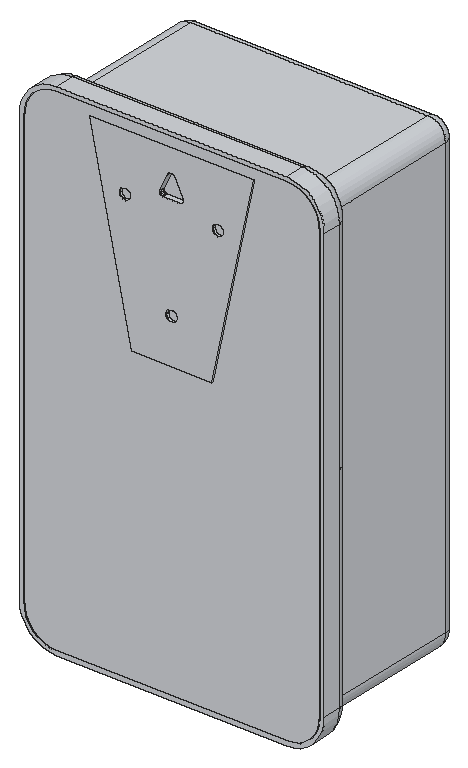
Revit family "AX9401_0006", category Appareils sanitaires, Revit 2016
Family settings
  Hôte = Mur
  Type d'élément = Normal
  Cote de connecteur circulaire = Utiliser le diamètre
  Numéro OmniClass = 23.75.00.00
  Titre OmniClass = Climate Control (HVAC)
  Toujours verticalement = Oui
  Couper avec des vides une fois chargée = Non
  Partagée = Non
  Point de calcul de pièce = Non
Parameters (values of type "Type 1")
  URL = "https://www.axeuro.com/fr/distributeurs-de-savon-en-applique/24943-distributeur-de-savon-arretes-arrondies-ax9401.html?search_query=AX9401&results=2"
  Modèle = "AX9401, AX9401P, AX9401W, AX9401-MBK"  # constant formula
  Fabricant = "Axeuro"  # constant formula
  Description = "Distributeur de savon / Soap dispenser"  # constant formula
Reference planes
  plane 1 "Mur": y = 0
  plane 2 "Centre (gauche/droite)": x = 0
  plane 3 "Arrière": y = 75
Forms (mm)
  Extrusion 1, solid
    sketch origin (0, 78.18, -34.1) x (1, 0, 0) y (0, 0, 1)
      loop
        line (0, 2322.027) -> (10.597, 2322.027)
        arc (10.597, 2322.027) -> (11.674, 2322.753) -> (12.4, 2323.83) r 3.394
        line (12.4, 2323.83) -> (18.096, 2349.949)
        arc (18.096, 2349.949) -> (17.756, 2351.388) -> (16.422, 2352.027) r 1.713
        line (16.422, 2352.027) -> (0, 2352.027) -> (-16.422, 2352.027)
        arc (-16.422, 2352.027) -> (-17.756, 2351.388) -> (-18.096, 2349.949) r 1.713
        line (-18.096, 2349.949) -> (-12.4, 2323.83)
        arc (-12.4, 2323.83) -> (-11.674, 2322.753) -> (-10.597, 2322.027) r 3.394
        line (-10.597, 2322.027) -> (0, 2322.027)
    from -94.894 to -78.867
  Extrusion 2, solid
    sketch origin (0, 77.612, -34.1) x (1, 0, 0) y (0, 0, 1)
      loop
        circle (0, 2336.889) r 11.5
    from -79.435 to -72.463
  Extrusion 3, solid
    sketch origin (0, 4.581, -34.1) x (1, 0, 0) y (0, 1, 0)
      loop
        circle (0, 162.881) r 3
    from 2319.033 to 2322.027
  Revolve 4, solid
    sketch origin (0, 1.612, -37.364) x (0, 1, 0) y (0, 0, 1)
      loop
        line (148.463, 2368.795) -> (156.469, 2368.795)
        arc (156.469, 2368.795) -> (154.446, 2375.925) -> (148.463, 2380.3) r 11.385
        line (148.463, 2380.3) -> (148.463, 2368.795)
      axis (156.469, 2368.795) -> (148.463, 2368.795)
    angle from 0 to 360
  Revolve 5, void
    sketch origin (0, 327.73, 4671.727) x (0, -1, -0.000036) y (0, 0.000036, -1)
      loop
        line (154.716, 2368.795) -> (156.469, 2368.795)
        arc (156.469, 2368.795) -> (156.118, 2372.294) -> (154.716, 2375.519) r 11.385
        line (154.716, 2375.519) -> (154.716, 2368.795)
      axis (156.469, 2368.795) -> (154.716, 2368.795)
    angle from 0 to 360
  Sweep 6, solid
    path origin (2369.027, 75.075, 2368.027) x (0, 0, 1) y (-1, 0, 0)
      loop
        line (97.02, 2367.027) -> (97.02, 2415.922)
        arc (97.02, 2415.922) -> (94.791, 2421.094) -> (89.501, 2423.027) r 7.116
        line (89.501, 2423.027) -> (0, 2423.027) -> (-87.501, 2423.027)
        arc (-87.501, 2423.027) -> (-92.791, 2421.094) -> (-95.02, 2415.922) r 7.116
        line (-95.02, 2415.922) -> (-95.02, 2367.027) -> (-95.02, 2322.132)
        arc (-95.02, 2322.132) -> (-92.791, 2316.96) -> (-87.501, 2315.027) r 7.116
        line (-87.501, 2315.027) -> (0, 2315.027) -> (89.501, 2315.027)
        arc (89.501, 2315.027) -> (94.791, 2316.96) -> (97.02, 2322.132) r 7.116
        line (97.02, 2322.132) -> (97.02, 2367.027)
    profile origin (-22.448, 75.075, 2465.047) x (0, 0, -1) y (0, -1, 0)
      loop
        arc (-7.98, -7.971) -> (-5.135, -12.508) -> (0, -14.025) r 7.567
        line (0, -14.025) -> (0, -12.011)
        arc (0, -12.011) -> (-3.75, -10.952) -> (-6.26, -7.971) r 6.642
        line (-6.26, -7.971) -> (-6.26, 0.075) -> (-7.98, 0.075) -> (-7.98, -7.971)
  Extrusion 7, solid
    sketch origin (2369.027, 75.075, 2368.027) x (0, 0, 1) y (-1, 0, 0)
      loop
        arc (97.02, 2414.922) -> (94.791, 2420.094) -> (89.501, 2422.027) r 7.116
        line (89.501, 2422.027) -> (-89.501, 2422.027)
        arc (-89.501, 2422.027) -> (-94.791, 2420.094) -> (-97.02, 2414.922) r 7.116
        line (-97.02, 2414.922) -> (-97.02, 2322.132)
        arc (-97.02, 2322.132) -> (-94.791, 2316.96) -> (-89.501, 2315.027) r 7.116
        line (-89.501, 2315.027) -> (89.501, 2315.027)
        arc (89.501, 2315.027) -> (94.791, 2316.96) -> (97.02, 2322.132) r 7.116
        line (97.02, 2322.132) -> (97.02, 2414.922)
    from -14.025 to -12.011
  Sweep 8, solid
    path origin (2369.027, 145.075, 2368.027) x (0, 0, 1) y (-1, 0, 0)
      loop
        arc (97.02, 2417.422) -> (94.791, 2422.594) -> (89.501, 2424.527) r 7.116
        line (89.501, 2424.527) -> (-89.501, 2424.527)
        arc (-89.501, 2424.527) -> (-94.817, 2422.325) -> (-97.02, 2417.008) r 7.519
        line (-97.02, 2417.008) -> (-97.02, 2320.632)
        arc (-97.02, 2320.632) -> (-94.791, 2315.46) -> (-89.501, 2313.527) r 7.116
        line (-89.501, 2313.527) -> (89.501, 2313.527)
        arc (89.501, 2313.527) -> (94.791, 2315.46) -> (97.02, 2320.632) r 7.116
        line (97.02, 2320.632) -> (97.02, 2417.422)
    profile origin (0, 145.075, 2465.047) x (0, 0, 1) y (0, -1, 0)
      loop
        arc (-5, -5) -> (-1.464, -3.536) -> (0, 0) r 5
        line (0, 0) -> (0, 55.975) -> (-5, 55.975) -> (-5, 0) -> (-5, -5)
  Extrusion 9, void
    sketch origin (-162.879, -8.871, 83.738) x (1, 0, 0) y (0, 0, 1)
      loop
        circle (143.879, 2359.789) r 2.3
    from -85 to -83.871
  Extrusion 10, void
    sketch origin (-143.879, -8.871, 45.738) x (1, 0, 0) y (0, 0, 1)
      loop
        circle (143.879, 2359.789) r 2.3
    from -85 to -83.871
  Extrusion 11, solid
    sketch origin (2369.027, -7.897, 2368.027) x (0, 0, 1) y (-1, 0, 0)
      loop
        arc (-87.43, 2429.29) -> (-97.193, 2425.547) -> (-101.28, 2415.922) r 13.377
        line (-101.28, 2415.922) -> (-101.28, 2322.132)
        arc (-101.28, 2322.132) -> (-97.14, 2312.456) -> (-87.283, 2308.77) r 13.377
        line (-87.283, 2308.77) -> (89.432, 2308.764)
        arc (89.432, 2308.764) -> (99.194, 2312.508) -> (103.28, 2322.132) r 13.377
        line (103.28, 2322.132) -> (103.28, 2415.922)
        arc (103.28, 2415.922) -> (99.14, 2425.598) -> (89.282, 2429.284) r 13.377
        line (89.282, 2429.284) -> (-87.43, 2429.29)
    from -85 to -82.971
  Extrusion 12, void
    sketch origin (162.879, -8.871, 83.738) x (-1, 0, 0) y (0, 0, -1)
      loop
        circle (143.879, -2359.789) r 2.3
    from -85 to -83.871
  Extrusion 13, solid
    sketch origin (0, 76.1, 0) x (1, 0, 0) y (0, 0, 1)
      loop
        line (48.395, 2460.047) -> (-48.395, 2460.047)
        arc (-48.395, 2460.047) -> (-49.967, 2459.347) -> (-50.5, 2457.711) r 2.116
        line (-50.5, 2457.711) -> (-50.5, 2278.526)
        arc (-50.5, 2278.526) -> (-49.762, 2276.745) -> (-47.981, 2276.007) r 2.519
        line (-47.981, 2276.007) -> (48.395, 2276.007)
        arc (48.395, 2276.007) -> (49.967, 2276.707) -> (50.5, 2278.343) r 2.116
        line (50.5, 2278.343) -> (50.5, 2457.711)
        arc (50.5, 2457.711) -> (49.967, 2459.347) -> (48.395, 2460.047) r 2.116
    from -73.975 to -72.972
  Extrusion 14, solid
    sketch origin (-161.771, -7.971, 61.22) x (1, 0, 0) y (0, 0, 1)
      loop
        line (128.271, 2405.807) -> (145.271, 2325.807) -> (178.271, 2325.807) -> (195.271, 2405.807) -> (128.271, 2405.807)
    from -85 to -82.971
  Extrusion 15, void
    sketch origin (0, 0, -36.5) x (1, 0, 0) y (0, 0, 1)
      loop
        line (-1.133, 2493.876) -> (-4.863, 2486.378)
        arc (-4.863, 2486.378) -> (-4.804, 2485.106) -> (-3.693, 2484.486) r 1.309
        line (-3.693, 2484.486) -> (3.693, 2484.486)
        arc (3.693, 2484.486) -> (4.804, 2485.106) -> (4.863, 2486.378) r 1.309
        line (4.863, 2486.378) -> (1.133, 2493.876)
        arc (1.133, 2493.876) -> (0, 2494.529) -> (-1.133, 2493.876) r 1.309
    from -77.029 to -75
Cuts and joins
  Revolve 5 cuts Extrusion 1
  Extrusion 9 cuts Sweep 8
  Extrusion 9, Extrusion 10, Extrusion 12, Extrusion 15 cuts Extrusion 11
  Extrusion 9, Extrusion 10, Extrusion 12, Extrusion 15 cuts Extrusion 14
Text (mm)
  text "Côté de la mise en place" at (-1820.995, 1116.779, 0), in view "Niveau de réf."
  text "Côté de la mise en place" at (0, 1334.055, 2976.191), in view "Gauche"
  text "Côté de la mise en place" at (0, 439.194, 2944.362), in view "Droite"
Dimensions and locks
  locked: plane 3 "Arrière" to host wall
  aligned and locked: plane 1 "Mur" to host wall
